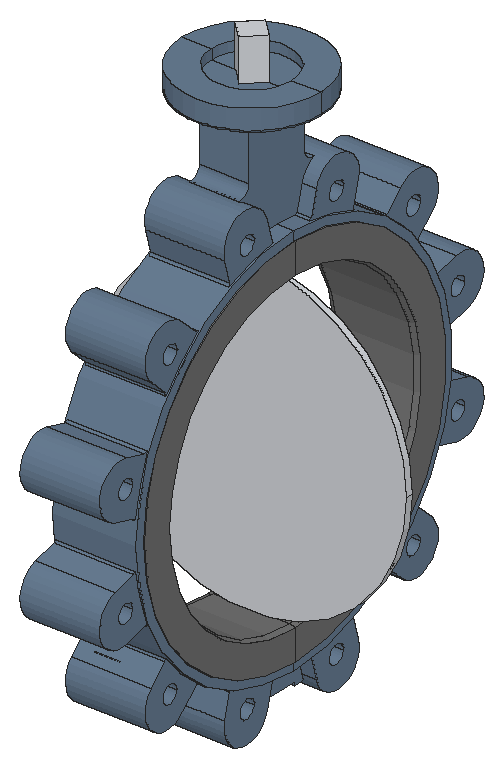
Revit family "Запорно-регулирующая заслонка AF-4219", category Rohrzubehör, Revit 2021 (continued)
Lines and regions (mm)
  model lines, detail levels coarse+medium
    curve 8: line (-39, 0, -183) -> (39, 0, -183)
    curve 9: line (39, 0, -183) -> (39, 0, 183)
    curve 10: line (39, 0, 183) -> (-39, 0, 183)
    curve 11: line (39, 0, -183) -> (-39, 0, 183)
    curve 12: circle (0, 0, 0) r 5 normal (0, -1, 0)
Dimensions and locks
  "H01": Revolve 2 sketch curve to plane 2
  "H02": Revolve 2 sketch curve to Revolve 2 sketch curve
  "R01": Revolve 2 sketch curve to Revolve 2 sketch curve
  "D01": plane 2 to Revolve 1 sketch curve
  "D02": plane 2 to Revolve 1 sketch curve
  "D03": plane 2 to Revolve 1 sketch curve
  "L01": Revolve 1 sketch curve to plane 3 "Mitte (Links/rechts)"
  "L02": plane 3 "Mitte (Links/rechts)" to Revolve 1 sketch curve  (x2)
  "D05": Revolve 6 sketch curve to plane 2
  "D04": Revolve 6 sketch curve to plane 2  (x2)
  "D02": Revolve 6 sketch curve to plane 2  (x2)
  "L03": plane 3 "Mitte (Links/rechts)" to Revolve 6 sketch curve
  "L02": Revolve 6 sketch curve to plane 3 "Mitte (Links/rechts)"
  "L03": Revolve 6 sketch curve to plane 3 "Mitte (Links/rechts)"
  "L01": plane 3 "Mitte (Links/rechts)" to Revolve 1 sketch curve
  "D02": Revolve 1 sketch curve to plane 2
  "L02": plane 3 "Mitte (Links/rechts)" to Revolve 6 sketch curve
  "D03": plane 2 to Revolve 6 sketch curve
  "L04": Revolve 6 sketch curve to plane 3 "Mitte (Links/rechts)" to Revolve 6 sketch curve
  "L01": curve 2 to plane 3 "Mitte (Links/rechts)" to curve 4
  equal spacing: curve 3, curve 6, curve 1
  equal spacing: curve 2, curve 6, curve 4
  "D01": curve 1 to plane 1 "Mitte (Vorne/hinten)" to curve 3
  "L01": curve 7 to curve 12 to curve 9
  "D01": curve 10 to curve 12 to curve 8
  "H03": Revolve 2 sketch curve to Revolve 2 sketch curve
  "R02": Revolve 2 sketch curve to Revolve 2 sketch curve
  equal spacing: Extrusion 24 sketch curve, curve 11, Extrusion 24 sketch curve  (x2)
  "L05": Extrusion 24 sketch curve to Extrusion 24 sketch curve  (x2)
  "H04": Extrusion 24 to plane 2
  "H05": Extrusion 24 to Revolve 2
  "R99": radius of Revolve 2 sketch curve
  "D06": radius of Extrusion 7 sketch curve
  radius of curve 6 = 5.000 mm
  radius of curve 12 = 5.000 mm
  aligned and locked: level to plane 2
Automatic sketch dimensions
  Extrusion 3 sketch curve to Extrusion 3 sketch curve = 0.000 mm  (x20)
  Extrusion 3 sketch curve to level = 0.000 mm
  Extrusion 3 sketch curve to plane 1 "Mitte (Vorne/hinten)" = 0.000 mm
  plane 1 "Mitte (Vorne/hinten)" to Extrusion 3 sketch curve = 18.495 mm  (x2)
  Extrusion 3 sketch curve to Extrusion 3 sketch curve = 1.414 mm  (x16)
  Extrusion 3 sketch curve to Extrusion 3 sketch curve = 12.265 mm  (x8)
  Extrusion 3 sketch curve to level = 19.909 mm  (x2)
  Extrusion 3 sketch curve to Extrusion 3 sketch curve = 24.042 mm  (x8)
  level to Extrusion 3 sketch curve = 19.909 mm  (x2)
  Extrusion 3 sketch curve to Extrusion 3 sketch curve = 12.021 mm  (x12)
  Extrusion 3 sketch curve to plane 1 "Mitte (Vorne/hinten)" = 18.495 mm  (x2)
  Extrusion 3 sketch curve to Extrusion 3 sketch curve = 0.934 mm  (x4)
  Extrusion 4 sketch curve to level = 0.000 mm
  Extrusion 4 sketch curve to plane 1 "Mitte (Vorne/hinten)" = 0.000 mm
  plane 1 "Mitte (Vorne/hinten)" to Extrusion 4 sketch curve = 18.495 mm
  Extrusion 4 sketch curve to Extrusion 4 sketch curve = 1.414 mm  (x4)
  plane 1 "Mitte (Vorne/hinten)" to Extrusion 4 sketch curve = 20.000 mm
  Extrusion 4 sketch curve to Extrusion 4 sketch curve = 12.265 mm  (x2)
  Extrusion 4 sketch curve to Extrusion 4 sketch curve = 15.000 mm  (x2)
  Extrusion 4 sketch curve to Extrusion 4 sketch curve = 12.021 mm  (x4)
  Extrusion 4 sketch curve to plane 1 "Mitte (Vorne/hinten)" = 18.495 mm
  Extrusion 4 sketch curve to plane 1 "Mitte (Vorne/hinten)" = 20.000 mm
  level to Extrusion 4 sketch curve = 43.950 mm
  Extrusion 4 sketch curve to Extrusion 4 sketch curve = 0.000 mm
  Extrusion 4 sketch curve to Extrusion 4 sketch curve = 0.244 mm  (x2)
  Extrusion 4 sketch curve to Extrusion 4 sketch curve = 18.630 mm  (x2)
  Extrusion 4 sketch curve to Extrusion 4 sketch curve = 0.934 mm
  Extrusion 5 sketch curve to level = 0.000 mm
  Extrusion 5 sketch curve to plane 1 "Mitte (Vorne/hinten)" = 0.000 mm
  plane 1 "Mitte (Vorne/hinten)" to Extrusion 5 sketch curve = 15.000 mm
  Extrusion 5 sketch curve to Extrusion 5 sketch curve = 1.963 mm  (x2)
  Extrusion 5 sketch curve to Extrusion 5 sketch curve = 1.531 mm  (x2)
  Extrusion 5 sketch curve to Extrusion 5 sketch curve = 1.414 mm  (x4)
  Extrusion 5 sketch curve to Extrusion 5 sketch curve = 15.210 mm  (x2)
  Extrusion 5 sketch curve to Extrusion 5 sketch curve = 1.660 mm  (x2)
  Extrusion 5 sketch curve to Extrusion 5 sketch curve = 12.021 mm  (x3)
  Extrusion 5 sketch curve to plane 1 "Mitte (Vorne/hinten)" = 15.000 mm
  Extrusion 5 sketch curve to Extrusion 5 sketch curve = 1.037 mm  (x2)
  Extrusion 5 sketch curve to Extrusion 5 sketch curve = 1.400 mm  (x2)
  Extrusion 5 sketch curve to Extrusion 5 sketch curve = 1.785 mm  (x2)
  Extrusion 5 sketch curve to Extrusion 5 sketch curve = 12.635 mm  (x2)
  Extrusion 5 sketch curve to Extrusion 5 sketch curve = 0.934 mm
  Extrusion 5 sketch curve to Extrusion 5 sketch curve = 0.788 mm  (x2)
  Extrusion 5 sketch curve to Extrusion 5 sketch curve = 0.000 mm  (x2)
  Extrusion 4 sketch curve to Extrusion 4 sketch curve = 37.155 mm
  Extrusion 5 sketch curve to level = 43.950 mm
  Extrusion 8 sketch curve to Extrusion 8 sketch curve = 0.000 mm  (x12)
  Extrusion 8 sketch curve to level = 39.244 mm  (x2)
  plane 1 "Mitte (Vorne/hinten)" to Extrusion 8 sketch curve = 63.286 mm
  level to Extrusion 8 sketch curve = 39.244 mm  (x2)
  Extrusion 8 sketch curve to Extrusion 8 sketch curve = 9.190 mm  (x2)
  level to Extrusion 8 sketch curve = 28.614 mm  (x2)
  Extrusion 8 sketch curve to Extrusion 8 sketch curve = 1.441 mm  (x8)
  Extrusion 8 sketch curve to level = 28.614 mm  (x2)
  Extrusion 8 sketch curve to Extrusion 8 sketch curve = 12.021 mm  (x6)
  level to Extrusion 8 sketch curve = 63.286 mm  (x2)
  Extrusion 8 sketch curve to level = 63.286 mm  (x2)
  level to Extrusion 8 sketch curve = 52.636 mm  (x2)
  Extrusion 8 sketch curve to Extrusion 8 sketch curve = 10.650 mm  (x4)
  Extrusion 8 sketch curve to level = 52.636 mm  (x2)
  Extrusion 8 sketch curve to Extrusion 8 sketch curve = 1.414 mm  (x8)
  level to Extrusion 8 sketch curve = 0.001 mm  (x2)
  Extrusion 8 sketch curve to Extrusion 8 sketch curve = 28.594 mm
  Extrusion 8 sketch curve to level = 0.001 mm  (x2)
  Extrusion 8 sketch curve to Extrusion 8 sketch curve = 0.001 mm  (x2)
  Extrusion 8 sketch curve to Extrusion 8 sketch curve = 54.361 mm  (x2)
  Extrusion 8 sketch curve to Extrusion 8 sketch curve = 1.390 mm  (x2)
  Extrusion 8 sketch curve to Extrusion 8 sketch curve = 10.630 mm  (x2)
  Extrusion 8 sketch curve to Extrusion 8 sketch curve = 1.832 mm  (x2)
  Extrusion 9 sketch curve to Extrusion 9 sketch curve = 0.000 mm  (x5)
  Extrusion 9 sketch curve to level = 0.000 mm
  Extrusion 9 sketch curve to level = 51.265 mm
  plane 1 "Mitte (Vorne/hinten)" to Extrusion 9 sketch curve = 51.265 mm
  level to Extrusion 9 sketch curve = 51.265 mm
  Extrusion 9 sketch curve to Extrusion 9 sketch curve = 9.247 mm  (x3)
  Extrusion 9 sketch curve to level = 63.286 mm  (x2)
  Extrusion 9 sketch curve to Extrusion 9 sketch curve = 2.774 mm  (x4)
  level to Extrusion 9 sketch curve = 63.286 mm  (x2)
  Extrusion 9 sketch curve to Extrusion 9 sketch curve = 2.244 mm  (x2)
  Extrusion 9 sketch curve to Extrusion 9 sketch curve = 0.183 mm  (x2)
  level to Extrusion 9 sketch curve = 52.636 mm  (x2)
  Extrusion 9 sketch curve to Extrusion 9 sketch curve = 10.650 mm  (x3)
  Extrusion 9 sketch curve to level = 52.636 mm  (x2)
  Extrusion 9 sketch curve to Extrusion 9 sketch curve = 1.414 mm  (x8)
  Extrusion 9 sketch curve to Extrusion 9 sketch curve = 14.817 mm  (x2)
  Extrusion 9 sketch curve to Extrusion 9 sketch curve = 7.210 mm
  Extrusion 9 sketch curve to Extrusion 9 sketch curve = 1.971 mm
  Extrusion 9 sketch curve to Extrusion 9 sketch curve = 28.595 mm
  Extrusion 9 sketch curve to Extrusion 9 sketch curve = 36.000 mm
  Extrusion 9 sketch curve to Extrusion 9 sketch curve = 1.997 mm
  Extrusion 9 sketch curve to Extrusion 9 sketch curve = 44.000 mm
  Extrusion 9 sketch curve to Extrusion 9 sketch curve = 5.181 mm
  Extrusion 9 sketch curve to Extrusion 9 sketch curve = 7.184 mm
  Extrusion 9 sketch curve to Extrusion 9 sketch curve = 12.021 mm  (x2)
  Extrusion 9 sketch curve to Extrusion 9 sketch curve = 14.891 mm
  Extrusion 9 sketch curve to Extrusion 9 sketch curve = 6.473 mm
  Extrusion 9 sketch curve to Extrusion 9 sketch curve = 12.756 mm  (x2)
  Extrusion 9 sketch curve to Extrusion 9 sketch curve = 55.987 mm
  Extrusion 10 sketch curve to Extrusion 10 sketch curve = 0.000 mm  (x48)
  level to Extrusion 10 sketch curve = 14.909 mm  (x2)
  plane 1 "Mitte (Vorne/hinten)" to Extrusion 10 sketch curve = 80.416 mm
  Extrusion 10 sketch curve to level = 14.909 mm  (x2)
  Extrusion 10 sketch curve to Extrusion 10 sketch curve = 6.506 mm  (x6)
  Extrusion 10 sketch curve to level = 46.321 mm  (x2)
  level to Extrusion 10 sketch curve = 46.321 mm  (x2)
  Extrusion 10 sketch curve to level = 7.243 mm
  Extrusion 10 sketch curve to Extrusion 10 sketch curve = 13.321 mm
  level to Extrusion 10 sketch curve = 7.243 mm
  Extrusion 10 sketch curve to level = 9.076 mm  (x2)
  Extrusion 10 sketch curve to Extrusion 10 sketch curve = 0.759 mm  (x8)
  level to Extrusion 10 sketch curve = 9.076 mm  (x2)
  level to Extrusion 10 sketch curve = 40.487 mm  (x2)
  Extrusion 10 sketch curve to Extrusion 10 sketch curve = 14.082 mm  (x4)
  Extrusion 10 sketch curve to level = 40.487 mm  (x2)
  Extrusion 10 sketch curve to Extrusion 10 sketch curve = 0.758 mm  (x8)
  level to Extrusion 10 sketch curve = 67.405 mm  (x2)
  Extrusion 10 sketch curve to Extrusion 10 sketch curve = 6.243 mm  (x2)
  Extrusion 10 sketch curve to level = 67.405 mm  (x2)
  Extrusion 10 sketch curve to Extrusion 10 sketch curve = 10.245 mm  (x4)
  level to Extrusion 10 sketch curve = 53.322 mm  (x2)
  Extrusion 10 sketch curve to Extrusion 10 sketch curve = 1.831 mm  (x8)
  Extrusion 10 sketch curve to level = 53.322 mm  (x2)
  Extrusion 10 sketch curve to Extrusion 10 sketch curve = 15.706 mm  (x6)
  level to Extrusion 10 sketch curve = 80.416 mm  (x2)
  Extrusion 10 sketch curve to level = 80.416 mm  (x2)
  Extrusion 10 sketch curve to level = 66.335 mm  (x2)
  Extrusion 10 sketch curve to Extrusion 10 sketch curve = 5.832 mm  (x4)
  level to Extrusion 10 sketch curve = 66.335 mm  (x2)
  Extrusion 10 sketch curve to Extrusion 10 sketch curve = 1.833 mm  (x6)
  level to Extrusion 10 sketch curve = 0.000 mm
  Extrusion 10 sketch curve to Extrusion 10 sketch curve = 14.486 mm  (x2)
  Extrusion 10 sketch curve to Extrusion 10 sketch curve = 9.873 mm  (x2)
  Extrusion 10 sketch curve to Extrusion 10 sketch curve = 5.833 mm  (x2)
  Extrusion 10 sketch curve to Extrusion 10 sketch curve = 13.013 mm
  Extrusion 10 sketch curve to Extrusion 10 sketch curve = 14.081 mm  (x2)
  Extrusion 10 sketch curve to Extrusion 10 sketch curve = 1.973 mm  (x4)
  Extrusion 10 sketch curve to Extrusion 10 sketch curve = 1.544 mm  (x4)
  Extrusion 10 sketch curve to Extrusion 10 sketch curve = 1.243 mm  (x3)
  Extrusion 10 sketch curve to Extrusion 10 sketch curve = 0.211 mm  (x2)
  Extrusion 10 sketch curve to Extrusion 10 sketch curve = 0.002 mm  (x5)
  Extrusion 10 sketch curve to Extrusion 10 sketch curve = 0.213 mm  (x2)
  Extrusion 10 sketch curve to Extrusion 10 sketch curve = 41.076 mm
  Extrusion 10 sketch curve to level = 0.000 mm
  level to Extrusion 11 sketch curve = 100.814 mm
  plane 1 "Mitte (Vorne/hinten)" to Extrusion 11 sketch curve = 32.000 mm
  Extrusion 11 sketch curve to Extrusion 11 sketch curve = 1.385 mm
  Extrusion 11 sketch curve to Extrusion 11 sketch curve = 10.000 mm  (x2)
  Extrusion 11 sketch curve to level = 80.416 mm
  Extrusion 11 sketch curve to Extrusion 11 sketch curve = 15.706 mm  (x3)
  level to Extrusion 11 sketch curve = 80.416 mm  (x2)
  Extrusion 11 sketch curve to Extrusion 11 sketch curve = 1.409 mm
  Extrusion 11 sketch curve to level = 66.335 mm  (x2)
  Extrusion 11 sketch curve to Extrusion 11 sketch curve = 5.832 mm  (x3)
  level to Extrusion 11 sketch curve = 66.335 mm  (x2)
  Extrusion 11 sketch curve to Extrusion 11 sketch curve = 1.833 mm  (x4)
  level to Extrusion 11 sketch curve = 0.554 mm
  Extrusion 11 sketch curve to Extrusion 11 sketch curve = 9.076 mm
  Extrusion 11 sketch curve to level = 0.554 mm
  Extrusion 11 sketch curve to Extrusion 11 sketch curve = 0.000 mm  (x3)
  Extrusion 11 sketch curve to Extrusion 11 sketch curve = 14.486 mm  (x2)
  Extrusion 11 sketch curve to Extrusion 11 sketch curve = 44.000 mm
  Extrusion 11 sketch curve to Extrusion 11 sketch curve = 0.759 mm  (x4)
  Extrusion 11 sketch curve to Extrusion 11 sketch curve = 6.506 mm
  Extrusion 11 sketch curve to Extrusion 11 sketch curve = 42.686 mm
  Extrusion 11 sketch curve to level = 80.371 mm
  Extrusion 11 sketch curve to Extrusion 11 sketch curve = 1.390 mm
  Extrusion 11 sketch curve to Extrusion 11 sketch curve = 27.000 mm
  Extrusion 12 sketch curve to Extrusion 12 sketch curve = 0.000 mm  (x40)
  Extrusion 12 sketch curve to level = 0.000 mm
  level to Extrusion 12 sketch curve = 18.736 mm  (x2)
  plane 1 "Mitte (Vorne/hinten)" to Extrusion 12 sketch curve = 89.655 mm
  Extrusion 12 sketch curve to level = 18.736 mm  (x2)
  Extrusion 12 sketch curve to Extrusion 12 sketch curve = 6.506 mm  (x6)
  Extrusion 12 sketch curve to level = 50.147 mm  (x2)
  level to Extrusion 12 sketch curve = 50.147 mm  (x2)
  Extrusion 12 sketch curve to Extrusion 12 sketch curve = 13.415 mm  (x2)
  Extrusion 12 sketch curve to level = 12.858 mm  (x2)
  Extrusion 12 sketch curve to Extrusion 12 sketch curve = 0.776 mm  (x8)
  level to Extrusion 12 sketch curve = 12.858 mm  (x2)
  Extrusion 12 sketch curve to level = 44.269 mm  (x2)
  Extrusion 12 sketch curve to Extrusion 12 sketch curve = 14.192 mm  (x4)
  level to Extrusion 12 sketch curve = 44.269 mm  (x2)
  Extrusion 12 sketch curve to Extrusion 12 sketch curve = 0.775 mm  (x8)
  level to Extrusion 12 sketch curve = 76.644 mm  (x2)
  Extrusion 12 sketch curve to Extrusion 12 sketch curve = 11.529 mm  (x2)
  Extrusion 12 sketch curve to level = 76.644 mm  (x2)
  Extrusion 12 sketch curve to Extrusion 12 sketch curve = 4.008 mm  (x2)
  level to Extrusion 12 sketch curve = 62.451 mm  (x2)
  Extrusion 12 sketch curve to Extrusion 12 sketch curve = 1.871 mm  (x8)
  Extrusion 12 sketch curve to level = 62.451 mm  (x2)
  Extrusion 12 sketch curve to Extrusion 12 sketch curve = 15.706 mm  (x6)
  level to Extrusion 12 sketch curve = 89.655 mm  (x2)
  Extrusion 12 sketch curve to level = 89.655 mm  (x2)
  Extrusion 12 sketch curve to level = 75.464 mm  (x2)
  Extrusion 12 sketch curve to Extrusion 12 sketch curve = 5.878 mm  (x4)
  level to Extrusion 12 sketch curve = 75.464 mm  (x2)
  Extrusion 12 sketch curve to Extrusion 12 sketch curve = 1.873 mm  (x8)
  Extrusion 12 sketch curve to Extrusion 12 sketch curve = 21.969 mm  (x2)
  Extrusion 12 sketch curve to Extrusion 12 sketch curve = 9.827 mm  (x2)
  Extrusion 12 sketch curve to Extrusion 12 sketch curve = 5.879 mm  (x2)
  Extrusion 12 sketch curve to Extrusion 12 sketch curve = 15.537 mm  (x2)
  Extrusion 12 sketch curve to Extrusion 12 sketch curve = 13.013 mm
  Extrusion 12 sketch curve to Extrusion 12 sketch curve = 14.190 mm  (x2)
  Extrusion 12 sketch curve to Extrusion 12 sketch curve = 44.269 mm
  Extrusion 13 sketch curve to Extrusion 13 sketch curve = 0.000 mm  (x5)
  Extrusion 13 sketch curve to level = 0.000 mm
  level to Extrusion 13 sketch curve = 114.470 mm
  plane 1 "Mitte (Vorne/hinten)" to Extrusion 13 sketch curve = 41.000 mm
  Extrusion 13 sketch curve to level = 83.149 mm
  Extrusion 13 sketch curve to Extrusion 13 sketch curve = 6.558 mm  (x2)
  Extrusion 13 sketch curve to Extrusion 13 sketch curve = 15.000 mm  (x2)
  level to Extrusion 13 sketch curve = 89.655 mm  (x2)
  Extrusion 13 sketch curve to Extrusion 13 sketch curve = 15.706 mm  (x2)
  Extrusion 13 sketch curve to Extrusion 13 sketch curve = 5.236 mm  (x2)
  level to Extrusion 13 sketch curve = 75.464 mm  (x2)
  Extrusion 13 sketch curve to Extrusion 13 sketch curve = 5.878 mm  (x3)
  Extrusion 13 sketch curve to level = 75.464 mm  (x2)
  Extrusion 13 sketch curve to Extrusion 13 sketch curve = 1.873 mm  (x4)
  Extrusion 13 sketch curve to Extrusion 13 sketch curve = 12.858 mm
  Extrusion 13 sketch curve to Extrusion 13 sketch curve = 21.969 mm
  Extrusion 13 sketch curve to Extrusion 13 sketch curve = 3.345 mm
  Extrusion 13 sketch curve to Extrusion 13 sketch curve = 3.000 mm  (x2)
  Extrusion 13 sketch curve to Extrusion 13 sketch curve = 6.506 mm  (x3)
  Extrusion 13 sketch curve to Extrusion 13 sketch curve = 0.776 mm  (x4)
  Extrusion 13 sketch curve to Extrusion 13 sketch curve = 31.321 mm
  Extrusion 13 sketch curve to Extrusion 13 sketch curve = 52.530 mm
  Extrusion 13 sketch curve to Extrusion 13 sketch curve = 11.129 mm  (x2)
  Extrusion 13 sketch curve to Extrusion 13 sketch curve = 9.812 mm  (x2)
  Extrusion 13 sketch curve to Extrusion 13 sketch curve = 3.078 mm
  Extrusion 13 sketch curve to Extrusion 13 sketch curve = 21.680 mm
  Extrusion 13 sketch curve to Extrusion 13 sketch curve = 2.515 mm
  Extrusion 13 sketch curve to Extrusion 13 sketch curve = 52.000 mm
  Extrusion 14 sketch curve to Extrusion 14 sketch curve = 0.000 mm  (x22)
  Extrusion 14 sketch curve to level = 24.476 mm  (x2)
  plane 1 "Mitte (Vorne/hinten)" to Extrusion 14 sketch curve = 103.513 mm
  level to Extrusion 14 sketch curve = 24.476 mm  (x2)
  Extrusion 14 sketch curve to Extrusion 14 sketch curve = 6.506 mm  (x6)
  Extrusion 14 sketch curve to Extrusion 14 sketch curve = 11.623 mm  (x2)
  Extrusion 14 sketch curve to level = 19.351 mm  (x2)
  Extrusion 14 sketch curve to Extrusion 14 sketch curve = 0.749 mm  (x8)
  level to Extrusion 14 sketch curve = 19.351 mm  (x2)
  Extrusion 14 sketch curve to level = 55.888 mm  (x2)
  level to Extrusion 14 sketch curve = 55.888 mm  (x2)
  Extrusion 14 sketch curve to level = 50.783 mm  (x2)
  Extrusion 14 sketch curve to Extrusion 14 sketch curve = 12.323 mm  (x4)
  level to Extrusion 14 sketch curve = 50.783 mm  (x2)
  Extrusion 14 sketch curve to Extrusion 14 sketch curve = 0.774 mm  (x8)
  level to Extrusion 14 sketch curve = 90.502 mm  (x2)
  Extrusion 14 sketch curve to Extrusion 14 sketch curve = 21.517 mm  (x2)
  Extrusion 14 sketch curve to level = 90.502 mm  (x2)
  Extrusion 14 sketch curve to Extrusion 14 sketch curve = 3.235 mm  (x2)
  Extrusion 14 sketch curve to level = 78.179 mm  (x2)
  Extrusion 14 sketch curve to Extrusion 14 sketch curve = 1.869 mm  (x8)
  level to Extrusion 14 sketch curve = 78.179 mm  (x2)
  Extrusion 14 sketch curve to Extrusion 14 sketch curve = 15.706 mm  (x6)
  level to Extrusion 14 sketch curve = 103.513 mm  (x2)
  Extrusion 14 sketch curve to level = 103.513 mm  (x2)
  level to Extrusion 14 sketch curve = 91.141 mm  (x2)
  Extrusion 14 sketch curve to Extrusion 14 sketch curve = 5.125 mm  (x4)
  Extrusion 14 sketch curve to level = 91.141 mm  (x2)
  Extrusion 14 sketch curve to Extrusion 14 sketch curve = 1.809 mm  (x8)
  Extrusion 14 sketch curve to level = 0.103 mm  (x2)
  Extrusion 14 sketch curve to Extrusion 14 sketch curve = 90.896 mm
  level to Extrusion 14 sketch curve = 0.103 mm  (x2)
  Extrusion 14 sketch curve to Extrusion 14 sketch curve = 0.142 mm  (x7)
  Extrusion 14 sketch curve to Extrusion 14 sketch curve = 0.207 mm  (x2)
  Extrusion 14 sketch curve to Extrusion 14 sketch curve = 35.084 mm  (x2)
  Extrusion 14 sketch curve to Extrusion 14 sketch curve = 10.601 mm  (x2)
  Extrusion 14 sketch curve to Extrusion 14 sketch curve = 5.104 mm  (x2)
  Extrusion 14 sketch curve to Extrusion 14 sketch curve = 24.752 mm  (x2)
  Extrusion 14 sketch curve to Extrusion 14 sketch curve = 12.962 mm  (x2)
  Extrusion 14 sketch curve to Extrusion 14 sketch curve = 12.372 mm  (x2)
  Extrusion 14 sketch curve to level = 0.245 mm
  Extrusion 14 sketch curve to Extrusion 14 sketch curve = 1.933 mm  (x2)
  Extrusion 14 sketch curve to Extrusion 14 sketch curve = 0.314 mm  (x2)
  level to Extrusion 15 sketch curve = 97.007 mm
  plane 1 "Mitte (Vorne/hinten)" to Extrusion 15 sketch curve = 40.182 mm
  Extrusion 15 sketch curve to level = 97.007 mm
  Extrusion 15 sketch curve to Extrusion 15 sketch curve = 0.000 mm  (x7)
  Extrusion 15 sketch curve to Extrusion 15 sketch curve = 4.132 mm
  Extrusion 15 sketch curve to Extrusion 15 sketch curve = 10.048 mm  (x2)
  Extrusion 15 sketch curve to Extrusion 15 sketch curve = 15.706 mm  (x3)
  level to Extrusion 15 sketch curve = 103.513 mm  (x2)
  level to Extrusion 15 sketch curve = 91.141 mm  (x2)
  Extrusion 15 sketch curve to Extrusion 15 sketch curve = 5.125 mm  (x3)
  Extrusion 15 sketch curve to level = 91.141 mm  (x2)
  Extrusion 15 sketch curve to Extrusion 15 sketch curve = 1.809 mm  (x4)
  Extrusion 15 sketch curve to Extrusion 15 sketch curve = 10.974 mm  (x2)
  Extrusion 15 sketch curve to level = 0.111 mm
  Extrusion 15 sketch curve to Extrusion 15 sketch curve = 19.350 mm
  level to Extrusion 15 sketch curve = 0.111 mm
  Extrusion 15 sketch curve to Extrusion 15 sketch curve = 35.081 mm
  Extrusion 15 sketch curve to Extrusion 15 sketch curve = 4.041 mm
  Extrusion 15 sketch curve to level = 103.513 mm
  Extrusion 15 sketch curve to Extrusion 15 sketch curve = 9.998 mm  (x2)
  Extrusion 15 sketch curve to Extrusion 15 sketch curve = 3.000 mm
  Extrusion 15 sketch curve to Extrusion 15 sketch curve = 6.505 mm  (x2)
  Extrusion 15 sketch curve to Extrusion 15 sketch curve = 0.749 mm  (x4)
  Extrusion 15 sketch curve to Extrusion 15 sketch curve = 20.176 mm  (x2)
  Extrusion 15 sketch curve to Extrusion 15 sketch curve = 62.311 mm
  Extrusion 15 sketch curve to Extrusion 15 sketch curve = 0.048 mm
  Extrusion 15 sketch curve to Extrusion 15 sketch curve = 11.626 mm  (x2)
  Extrusion 15 sketch curve to Extrusion 15 sketch curve = 27.000 mm
  Extrusion 15 sketch curve to Extrusion 15 sketch curve = 52.000 mm
  Extrusion 16 sketch curve to Extrusion 16 sketch curve = 0.000 mm  (x23)
  Extrusion 16 sketch curve to level = 26.521 mm  (x2)
  plane 1 "Mitte (Vorne/hinten)" to Extrusion 16 sketch curve = 118.902 mm
  level to Extrusion 16 sketch curve = 26.521 mm  (x2)
  Extrusion 16 sketch curve to Extrusion 16 sketch curve = 8.036 mm  (x6)
  Extrusion 16 sketch curve to Extrusion 16 sketch curve = 15.875 mm  (x2)
  level to Extrusion 16 sketch curve = 65.323 mm  (x2)
  Extrusion 16 sketch curve to level = 65.323 mm  (x2)
  level to Extrusion 16 sketch curve = 19.621 mm  (x2)
  Extrusion 16 sketch curve to Extrusion 16 sketch curve = 0.782 mm  (x8)
  Extrusion 16 sketch curve to level = 19.621 mm  (x2)
  Extrusion 16 sketch curve to level = 58.409 mm  (x2)
  Extrusion 16 sketch curve to Extrusion 16 sketch curve = 16.693 mm  (x4)
  level to Extrusion 16 sketch curve = 58.409 mm  (x2)
  Extrusion 16 sketch curve to Extrusion 16 sketch curve = 0.763 mm  (x8)
  Extrusion 16 sketch curve to level = 102.829 mm  (x2)
  Extrusion 16 sketch curve to Extrusion 16 sketch curve = 20.050 mm  (x2)
  level to Extrusion 16 sketch curve = 102.829 mm  (x2)
  Extrusion 16 sketch curve to Extrusion 16 sketch curve = 5.074 mm  (x2)
  level to Extrusion 16 sketch curve = 86.136 mm  (x2)
  Extrusion 16 sketch curve to Extrusion 16 sketch curve = 1.841 mm  (x8)
  Extrusion 16 sketch curve to level = 86.136 mm  (x2)
  Extrusion 16 sketch curve to Extrusion 16 sketch curve = 19.401 mm  (x6)
  level to Extrusion 16 sketch curve = 118.902 mm  (x2)
  Extrusion 16 sketch curve to level = 118.902 mm  (x2)
  level to Extrusion 16 sketch curve = 102.246 mm  (x2)
  Extrusion 16 sketch curve to Extrusion 16 sketch curve = 6.899 mm  (x4)
  Extrusion 16 sketch curve to level = 102.246 mm  (x2)
  Extrusion 16 sketch curve to Extrusion 16 sketch curve = 1.887 mm  (x8)
  level to Extrusion 16 sketch curve = 0.002 mm  (x2)
  Extrusion 16 sketch curve to Extrusion 16 sketch curve = 86.133 mm
  Extrusion 16 sketch curve to level = 0.002 mm
  Extrusion 16 sketch curve to Extrusion 16 sketch curve = 0.001 mm  (x8)
  Extrusion 16 sketch curve to Extrusion 16 sketch curve = 35.469 mm  (x2)
  Extrusion 16 sketch curve to Extrusion 16 sketch curve = 12.487 mm  (x2)
  Extrusion 16 sketch curve to Extrusion 16 sketch curve = 6.914 mm  (x2)
  Extrusion 16 sketch curve to Extrusion 16 sketch curve = 25.124 mm  (x2)
  Extrusion 16 sketch curve to Extrusion 16 sketch curve = 16.110 mm
  Extrusion 16 sketch curve to Extrusion 16 sketch curve = 16.656 mm  (x2)
  Extrusion 16 sketch curve to level = 0.003 mm
  Extrusion 16 sketch curve to Extrusion 16 sketch curve = 2.019 mm  (x2)
  Extrusion 16 sketch curve to Extrusion 16 sketch curve = 0.309 mm  (x2)
  Extrusion 16 sketch curve to Extrusion 16 sketch curve = 0.004 mm  (x2)
  Extrusion 17 sketch curve to Extrusion 17 sketch curve = 0.000 mm  (x7)
  Extrusion 17 sketch curve to level = 0.000 mm
  Extrusion 17 sketch curve to plane 1 "Mitte (Vorne/hinten)" = 0.000 mm
  plane 1 "Mitte (Vorne/hinten)" to Extrusion 17 sketch curve = 13.500 mm
  plane 1 "Mitte (Vorne/hinten)" to Extrusion 17 sketch curve = 17.734 mm  (x2)
  Extrusion 17 sketch curve to Extrusion 17 sketch curve = 1.887 mm  (x4)
  plane 1 "Mitte (Vorne/hinten)" to Extrusion 17 sketch curve = 26.000 mm
  Extrusion 17 sketch curve to Extrusion 17 sketch curve = 0.521 mm
  Extrusion 17 sketch curve to Extrusion 17 sketch curve = 13.021 mm  (x2)
  Extrusion 17 sketch curve to Extrusion 17 sketch curve = 4.341 mm  (x2)
  Extrusion 17 sketch curve to Extrusion 17 sketch curve = 10.000 mm  (x2)
  Extrusion 17 sketch curve to Extrusion 17 sketch curve = 19.401 mm  (x4)
  Extrusion 17 sketch curve to plane 1 "Mitte (Vorne/hinten)" = 13.500 mm
  Extrusion 17 sketch curve to plane 1 "Mitte (Vorne/hinten)" = 17.734 mm  (x2)
  Extrusion 17 sketch curve to Extrusion 17 sketch curve = 6.899 mm
  Extrusion 17 sketch curve to level = 102.246 mm
  Extrusion 17 sketch curve to Extrusion 17 sketch curve = 0.782 mm  (x4)
  Extrusion 17 sketch curve to Extrusion 17 sketch curve = 8.620 mm  (x4)
  Extrusion 17 sketch curve to Extrusion 17 sketch curve = 16.656 mm  (x4)
  Extrusion 17 sketch curve to Extrusion 17 sketch curve = 3.000 mm
  level to Extrusion 17 sketch curve = 102.246 mm
  Extrusion 17 sketch curve to Extrusion 17 sketch curve = 16.098 mm  (x2)
  Extrusion 17 sketch curve to Extrusion 17 sketch curve = 64.000 mm
  Extrusion 17 sketch curve to Extrusion 17 sketch curve = 4.938 mm
  Extrusion 18 sketch curve to Extrusion 18 sketch curve = 0.000 mm  (x62)
  Extrusion 18 sketch curve to level = 0.000 mm
  Extrusion 18 sketch curve to level = 17.891 mm  (x2)
  plane 1 "Mitte (Vorne/hinten)" to Extrusion 18 sketch curve = 147.909 mm
  level to Extrusion 18 sketch curve = 17.891 mm  (x2)
  Extrusion 18 sketch curve to Extrusion 18 sketch curve = 5.435 mm  (x6)
  Extrusion 18 sketch curve to level = 58.460 mm  (x2)
  level to Extrusion 18 sketch curve = 58.460 mm  (x2)
  Extrusion 18 sketch curve to Extrusion 18 sketch curve = 15.462 mm  (x2)
  level to Extrusion 18 sketch curve = 13.612 mm  (x2)
  Extrusion 18 sketch curve to Extrusion 18 sketch curve = 0.509 mm  (x8)
  Extrusion 18 sketch curve to level = 13.612 mm  (x2)
  Extrusion 18 sketch curve to level = 54.199 mm  (x2)
  Extrusion 18 sketch curve to Extrusion 18 sketch curve = 15.903 mm  (x4)
  level to Extrusion 18 sketch curve = 54.199 mm  (x2)
  Extrusion 18 sketch curve to Extrusion 18 sketch curve = 0.530 mm  (x8)
  Extrusion 18 sketch curve to level = 89.449 mm  (x2)
  Extrusion 18 sketch curve to Extrusion 18 sketch curve = 1.459 mm  (x2)
  level to Extrusion 18 sketch curve = 89.449 mm  (x2)
  Extrusion 18 sketch curve to Extrusion 18 sketch curve = 10.302 mm  (x2)
  Extrusion 18 sketch curve to level = 77.758 mm  (x2)
  Extrusion 18 sketch curve to Extrusion 18 sketch curve = 1.389 mm  (x8)
  level to Extrusion 18 sketch curve = 77.758 mm  (x2)
  Extrusion 18 sketch curve to Extrusion 18 sketch curve = 14.849 mm  (x6)
  Extrusion 18 sketch curve to level = 119.147 mm  (x2)
  level to Extrusion 18 sketch curve = 119.147 mm  (x2)
  level to Extrusion 18 sketch curve = 107.506 mm  (x2)
  Extrusion 18 sketch curve to Extrusion 18 sketch curve = 11.642 mm  (x4)
  Extrusion 18 sketch curve to level = 107.506 mm  (x2)
  Extrusion 18 sketch curve to Extrusion 18 sketch curve = 1.448 mm  (x8)
  level to Extrusion 18 sketch curve = 137.039 mm  (x2)
  Extrusion 18 sketch curve to Extrusion 18 sketch curve = 17.899 mm  (x2)
  Extrusion 18 sketch curve to level = 137.039 mm  (x2)
  Extrusion 18 sketch curve to Extrusion 18 sketch curve = 2.283 mm  (x2)
  Extrusion 18 sketch curve to level = 121.136 mm  (x2)
  Extrusion 18 sketch curve to Extrusion 18 sketch curve = 1.978 mm  (x8)
  level to Extrusion 18 sketch curve = 121.136 mm  (x2)
  Extrusion 18 sketch curve to Extrusion 18 sketch curve = 20.284 mm  (x6)
  Extrusion 18 sketch curve to level = 147.909 mm  (x2)
  level to Extrusion 18 sketch curve = 147.909 mm  (x2)
  level to Extrusion 18 sketch curve = 131.939 mm  (x2)
  Extrusion 18 sketch curve to Extrusion 18 sketch curve = 4.279 mm  (x4)
  Extrusion 18 sketch curve to level = 131.939 mm  (x2)
  Extrusion 18 sketch curve to Extrusion 18 sketch curve = 1.898 mm  (x8)
  Extrusion 18 sketch curve to Extrusion 18 sketch curve = 13.612 mm
  Extrusion 18 sketch curve to Extrusion 18 sketch curve = 23.429 mm  (x2)
  Extrusion 18 sketch curve to Extrusion 18 sketch curve = 16.023 mm  (x2)
  Extrusion 18 sketch curve to Extrusion 18 sketch curve = 4.261 mm  (x2)
  Extrusion 18 sketch curve to Extrusion 18 sketch curve = 20.183 mm  (x2)
  Extrusion 18 sketch curve to Extrusion 18 sketch curve = 3.158 mm  (x2)
  Extrusion 18 sketch curve to Extrusion 18 sketch curve = 11.691 mm  (x2)
  Extrusion 18 sketch curve to Extrusion 18 sketch curve = 11.760 mm  (x2)
  Extrusion 18 sketch curve to Extrusion 18 sketch curve = 10.803 mm
  Extrusion 18 sketch curve to Extrusion 18 sketch curve = 15.970 mm  (x2)
  Extrusion 19 sketch curve to Extrusion 19 sketch curve = 0.000 mm  (x5)
  Extrusion 19 sketch curve to level = 0.000 mm
  Extrusion 19 sketch curve to level = 142.474 mm
  plane 1 "Mitte (Vorne/hinten)" to Extrusion 19 sketch curve = 38.176 mm
  level to Extrusion 19 sketch curve = 142.474 mm
  Extrusion 19 sketch curve to Extrusion 19 sketch curve = 8.163 mm
  Extrusion 19 sketch curve to Extrusion 19 sketch curve = 2.013 mm  (x2)
  Extrusion 19 sketch curve to level = 147.909 mm
  Extrusion 19 sketch curve to Extrusion 19 sketch curve = 20.284 mm  (x3)
  level to Extrusion 19 sketch curve = 147.909 mm  (x2)
  Extrusion 19 sketch curve to Extrusion 19 sketch curve = 10.109 mm
  Extrusion 19 sketch curve to level = 131.939 mm  (x2)
  Extrusion 19 sketch curve to Extrusion 19 sketch curve = 4.279 mm  (x4)
  level to Extrusion 19 sketch curve = 131.939 mm  (x2)
  Extrusion 19 sketch curve to Extrusion 19 sketch curve = 1.898 mm  (x4)
  Extrusion 19 sketch curve to Extrusion 19 sketch curve = 13.612 mm
  Extrusion 19 sketch curve to Extrusion 19 sketch curve = 23.429 mm  (x2)
  Extrusion 19 sketch curve to Extrusion 19 sketch curve = 56.000 mm
  Extrusion 19 sketch curve to Extrusion 19 sketch curve = 5.435 mm  (x2)
  Extrusion 19 sketch curve to Extrusion 19 sketch curve = 0.509 mm  (x4)
  Extrusion 19 sketch curve to Extrusion 19 sketch curve = 16.081 mm  (x2)
  Extrusion 19 sketch curve to Extrusion 19 sketch curve = 66.010 mm
  Extrusion 19 sketch curve to Extrusion 19 sketch curve = 1.832 mm  (x2)
  Extrusion 19 sketch curve to Extrusion 19 sketch curve = 0.173 mm
  Extrusion 20 sketch curve to level = 22.097 mm  (x2)
  plane 1 "Mitte (Vorne/hinten)" to Extrusion 20 sketch curve = 177.618 mm
  level to Extrusion 20 sketch curve = 22.097 mm  (x2)
  Extrusion 20 sketch curve to Extrusion 20 sketch curve = 0.000 mm  (x17)
  Extrusion 20 sketch curve to Extrusion 20 sketch curve = 6.470 mm  (x4)
  Extrusion 20 sketch curve to Extrusion 20 sketch curve = 2.415 mm  (x8)
  level to Extrusion 20 sketch curve = 70.393 mm  (x2)
  Extrusion 20 sketch curve to level = 70.393 mm  (x2)
  Extrusion 20 sketch curve to Extrusion 20 sketch curve = 18.556 mm  (x2)
  Extrusion 20 sketch curve to level = 16.983 mm  (x2)
  Extrusion 20 sketch curve to Extrusion 20 sketch curve = 0.529 mm  (x16)
  level to Extrusion 20 sketch curve = 16.983 mm  (x2)
  level to Extrusion 20 sketch curve = 65.280 mm  (x2)
  Extrusion 20 sketch curve to Extrusion 20 sketch curve = 19.085 mm  (x6)
  Extrusion 20 sketch curve to level = 65.280 mm  (x2)
  Extrusion 20 sketch curve to level = 107.956 mm  (x2)
  Extrusion 20 sketch curve to Extrusion 20 sketch curve = 2.085 mm  (x2)
  level to Extrusion 20 sketch curve = 107.956 mm  (x2)
  Extrusion 20 sketch curve to Extrusion 20 sketch curve = 12.527 mm  (x2)
  level to Extrusion 20 sketch curve = 93.984 mm  (x2)
  Extrusion 20 sketch curve to Extrusion 20 sketch curve = 1.445 mm  (x16)
  Extrusion 20 sketch curve to level = 93.984 mm  (x2)
  Extrusion 20 sketch curve to Extrusion 20 sketch curve = 17.678 mm  (x4)
  Extrusion 20 sketch curve to Extrusion 20 sketch curve = 1.768 mm  (x8)
  level to Extrusion 20 sketch curve = 143.311 mm  (x2)
  Extrusion 20 sketch curve to level = 143.311 mm  (x2)
  Extrusion 20 sketch curve to level = 129.340 mm  (x2)
  Extrusion 20 sketch curve to Extrusion 20 sketch curve = 13.971 mm  (x6)
  level to Extrusion 20 sketch curve = 129.340 mm  (x2)
  level to Extrusion 20 sketch curve = 164.981 mm  (x2)
  Extrusion 20 sketch curve to Extrusion 20 sketch curve = 22.118 mm  (x2)
  Extrusion 20 sketch curve to level = 164.981 mm  (x2)
  Extrusion 20 sketch curve to Extrusion 20 sketch curve = 3.140 mm  (x2)
  level to Extrusion 20 sketch curve = 145.897 mm  (x2)
  Extrusion 20 sketch curve to Extrusion 20 sketch curve = 1.974 mm  (x8)
  Extrusion 20 sketch curve to level = 145.897 mm  (x2)
  Extrusion 20 sketch curve to Extrusion 20 sketch curve = 24.148 mm  (x4)
  Extrusion 20 sketch curve to Extrusion 20 sketch curve = 0.647 mm  (x8)
  level to Extrusion 20 sketch curve = 177.922 mm  (x2)
  Extrusion 20 sketch curve to level = 177.922 mm  (x2)
  level to Extrusion 20 sketch curve = 158.837 mm  (x2)
  Extrusion 20 sketch curve to Extrusion 20 sketch curve = 5.114 mm  (x6)
  Extrusion 20 sketch curve to level = 158.837 mm  (x2)
  Extrusion 20 sketch curve to Extrusion 20 sketch curve = 1.973 mm  (x8)
  Extrusion 20 sketch curve to level = 0.226 mm  (x2)
  Extrusion 20 sketch curve to Extrusion 20 sketch curve = 158.098 mm
  level to Extrusion 20 sketch curve = 0.226 mm
  level to Extrusion 20 sketch curve = 0.072 mm
  Extrusion 20 sketch curve to Extrusion 20 sketch curve = 0.128 mm  (x3)
  Extrusion 20 sketch curve to level = 0.072 mm
  Extrusion 20 sketch curve to Extrusion 20 sketch curve = 0.061 mm  (x4)
  Extrusion 20 sketch curve to level = 0.036 mm  (x2)
  Extrusion 20 sketch curve to Extrusion 20 sketch curve = 0.324 mm
  Extrusion 20 sketch curve to Extrusion 20 sketch curve = 29.244 mm  (x2)
  Extrusion 20 sketch curve to Extrusion 20 sketch curve = 23.501 mm  (x2)
  Extrusion 20 sketch curve to Extrusion 20 sketch curve = 19.681 mm  (x2)
  Extrusion 20 sketch curve to Extrusion 20 sketch curve = 25.258 mm  (x2)
  Extrusion 20 sketch curve to Extrusion 20 sketch curve = 15.910 mm  (x2)
  Extrusion 20 sketch curve to Extrusion 20 sketch curve = 5.474 mm  (x2)
  Extrusion 20 sketch curve to Extrusion 20 sketch curve = 14.612 mm  (x2)
  Extrusion 20 sketch curve to Extrusion 20 sketch curve = 12.940 mm
  Extrusion 20 sketch curve to Extrusion 20 sketch curve = 4.056 mm  (x2)
  Extrusion 20 sketch curve to Extrusion 20 sketch curve = 0.035 mm  (x2)
  level to Extrusion 20 sketch curve = 0.036 mm  (x2)
  Extrusion 20 sketch curve to Extrusion 20 sketch curve = 0.154 mm
  Extrusion 20 sketch curve to Extrusion 20 sketch curve = 2.037 mm  (x4)
  Extrusion 20 sketch curve to Extrusion 20 sketch curve = 1.856 mm  (x4)
  Extrusion 20 sketch curve to Extrusion 20 sketch curve = 1.841 mm  (x4)
  Extrusion 20 sketch curve to Extrusion 20 sketch curve = 1.179 mm  (x4)
  Extrusion 20 sketch curve to Extrusion 20 sketch curve = 0.856 mm  (x4)
  Extrusion 20 sketch curve to Extrusion 20 sketch curve = 0.153 mm  (x4)
  level to Extrusion 21 sketch curve = 171.452 mm
  plane 1 "Mitte (Vorne/hinten)" to Extrusion 21 sketch curve = 45.940 mm
  Extrusion 21 sketch curve to level = 171.452 mm
  Extrusion 21 sketch curve to Extrusion 21 sketch curve = 0.000 mm  (x2)
  Extrusion 21 sketch curve to Extrusion 21 sketch curve = 6.907 mm
  Extrusion 21 sketch curve to Extrusion 21 sketch curve = 11.901 mm
  Extrusion 21 sketch curve to Extrusion 21 sketch curve = 1.957 mm  (x2)
  Extrusion 21 sketch curve to level = 177.922 mm  (x2)
  Extrusion 21 sketch curve to Extrusion 21 sketch curve = 17.241 mm
  level to Extrusion 21 sketch curve = 177.922 mm  (x2)
  Extrusion 21 sketch curve to Extrusion 21 sketch curve = 10.291 mm  (x2)
  Extrusion 21 sketch curve to Extrusion 21 sketch curve = 0.709 mm  (x2)
  level to Extrusion 21 sketch curve = 158.808 mm  (x2)
  Extrusion 21 sketch curve to Extrusion 21 sketch curve = 5.122 mm  (x3)
  Extrusion 21 sketch curve to level = 158.808 mm  (x2)
  Extrusion 21 sketch curve to Extrusion 21 sketch curve = 1.932 mm  (x4)
  level to Extrusion 21 sketch curve = 0.021 mm
  Extrusion 21 sketch curve to Extrusion 21 sketch curve = 16.588 mm
  Extrusion 21 sketch curve to Extrusion 21 sketch curve = 29.311 mm  (x2)
  Extrusion 21 sketch curve to Extrusion 21 sketch curve = 24.148 mm
  Extrusion 21 sketch curve to Extrusion 21 sketch curve = 17.557 mm
  Extrusion 21 sketch curve to Extrusion 21 sketch curve = 3.000 mm
  Extrusion 21 sketch curve to Extrusion 21 sketch curve = 6.470 mm  (x2)
  Extrusion 21 sketch curve to Extrusion 21 sketch curve = 0.518 mm  (x4)
  Extrusion 21 sketch curve to level = 0.021 mm
  Extrusion 21 sketch curve to Extrusion 21 sketch curve = 17.717 mm  (x2)
  Extrusion 21 sketch curve to Extrusion 21 sketch curve = 67.361 mm
  Extrusion 21 sketch curve to Extrusion 21 sketch curve = 0.120 mm  (x2)
  Extrusion 21 sketch curve to Extrusion 21 sketch curve = 17.951 mm
  Extrusion 21 sketch curve to Extrusion 21 sketch curve = 6.344 mm
  level to Extrusion 22 sketch curve = 28.910 mm  (x2)
  plane 1 "Mitte (Vorne/hinten)" to Extrusion 22 sketch curve = 204.485 mm
  Extrusion 22 sketch curve to level = 28.910 mm  (x2)
  Extrusion 22 sketch curve to Extrusion 22 sketch curve = 0.000 mm  (x9)
  Extrusion 22 sketch curve to Extrusion 22 sketch curve = 6.470 mm  (x4)
  Extrusion 22 sketch curve to Extrusion 22 sketch curve = 4.830 mm  (x8)
  Extrusion 22 sketch curve to level = 77.206 mm  (x2)
  level to Extrusion 22 sketch curve = 77.206 mm  (x2)
  Extrusion 22 sketch curve to Extrusion 22 sketch curve = 20.758 mm  (x2)
  level to Extrusion 22 sketch curve = 23.212 mm  (x2)
  Extrusion 22 sketch curve to Extrusion 22 sketch curve = 0.507 mm  (x8)
  Extrusion 22 sketch curve to level = 23.212 mm  (x2)
  Extrusion 22 sketch curve to level = 71.520 mm  (x2)
  Extrusion 22 sketch curve to Extrusion 22 sketch curve = 21.221 mm  (x4)
  level to Extrusion 22 sketch curve = 71.520 mm  (x2)
  Extrusion 22 sketch curve to Extrusion 22 sketch curve = 0.521 mm  (x8)
  level to Extrusion 22 sketch curve = 127.279 mm  (x2)
  Extrusion 22 sketch curve to Extrusion 22 sketch curve = 7.168 mm  (x2)
  Extrusion 22 sketch curve to level = 127.279 mm  (x2)
  Extrusion 22 sketch curve to Extrusion 22 sketch curve = 14.182 mm  (x2)
  Extrusion 22 sketch curve to level = 111.712 mm  (x2)
  Extrusion 22 sketch curve to Extrusion 22 sketch curve = 1.386 mm  (x8)
  level to Extrusion 22 sketch curve = 111.712 mm  (x2)
  Extrusion 22 sketch curve to Extrusion 22 sketch curve = 17.678 mm  (x4)
  Extrusion 22 sketch curve to Extrusion 22 sketch curve = 3.536 mm  (x8)
  level to Extrusion 22 sketch curve = 162.635 mm  (x2)
  Extrusion 22 sketch curve to level = 162.635 mm  (x2)
  Extrusion 22 sketch curve to level = 147.100 mm  (x2)
  Extrusion 22 sketch curve to Extrusion 22 sketch curve = 15.535 mm  (x4)
  level to Extrusion 22 sketch curve = 147.100 mm  (x2)
  Extrusion 22 sketch curve to Extrusion 22 sketch curve = 1.423 mm  (x8)
  level to Extrusion 22 sketch curve = 191.544 mm  (x2)
  Extrusion 22 sketch curve to Extrusion 22 sketch curve = 33.115 mm  (x2)
  Extrusion 22 sketch curve to level = 191.544 mm  (x2)
  Extrusion 22 sketch curve to Extrusion 22 sketch curve = 3.742 mm  (x2)
  Extrusion 22 sketch curve to level = 170.323 mm  (x2)
  Extrusion 22 sketch curve to Extrusion 22 sketch curve = 1.944 mm  (x8)
  level to Extrusion 22 sketch curve = 170.323 mm  (x2)
  Extrusion 22 sketch curve to Extrusion 22 sketch curve = 24.148 mm  (x4)
  Extrusion 22 sketch curve to Extrusion 22 sketch curve = 1.294 mm  (x8)
  Extrusion 22 sketch curve to level = 204.485 mm  (x2)
  level to Extrusion 22 sketch curve = 204.485 mm  (x2)
  level to Extrusion 22 sketch curve = 183.220 mm  (x2)
  Extrusion 22 sketch curve to Extrusion 22 sketch curve = 5.698 mm  (x4)
  Extrusion 22 sketch curve to level = 183.220 mm  (x2)
  Extrusion 22 sketch curve to Extrusion 22 sketch curve = 1.893 mm  (x8)
  Extrusion 22 sketch curve to level = 0.029 mm
  Extrusion 22 sketch curve to Extrusion 22 sketch curve = 147.001 mm
  level to Extrusion 22 sketch curve = 0.029 mm  (x2)
  Extrusion 22 sketch curve to Extrusion 22 sketch curve = 0.008 mm  (x4)
  Extrusion 22 sketch curve to Extrusion 22 sketch curve = 0.029 mm  (x4)
  Extrusion 22 sketch curve to Extrusion 22 sketch curve = 0.057 mm  (x4)
  Extrusion 22 sketch curve to Extrusion 22 sketch curve = 42.638 mm  (x2)
  Extrusion 22 sketch curve to Extrusion 22 sketch curve = 22.854 mm  (x2)
  Extrusion 22 sketch curve to Extrusion 22 sketch curve = 19.756 mm  (x2)
  Extrusion 22 sketch curve to Extrusion 22 sketch curve = 5.686 mm  (x2)
  Extrusion 22 sketch curve to Extrusion 22 sketch curve = 36.857 mm  (x2)
  Extrusion 22 sketch curve to Extrusion 22 sketch curve = 14.142 mm  (x2)
  Extrusion 22 sketch curve to Extrusion 22 sketch curve = 5.646 mm  (x2)
  Extrusion 22 sketch curve to Extrusion 22 sketch curve = 15.567 mm  (x2)
  Extrusion 22 sketch curve to Extrusion 22 sketch curve = 21.349 mm  (x2)
  Extrusion 22 sketch curve to Extrusion 22 sketch curve = 12.897 mm
  Extrusion 22 sketch curve to Extrusion 22 sketch curve = 1.641 mm  (x2)
  Extrusion 22 sketch curve to Extrusion 22 sketch curve = 21.266 mm  (x2)
  Extrusion 22 sketch curve to level = 0.066 mm
  Extrusion 22 sketch curve to Extrusion 22 sketch curve = 0.037 mm
  Extrusion 22 sketch curve to Extrusion 22 sketch curve = 0.014 mm  (x4)
  Extrusion 22 sketch curve to Extrusion 22 sketch curve = 0.023 mm  (x3)
  Extrusion 22 sketch curve to Extrusion 22 sketch curve = 1.959 mm  (x2)
  Extrusion 22 sketch curve to Extrusion 22 sketch curve = 1.725 mm  (x2)
  Extrusion 23 sketch curve to Extrusion 23 sketch curve = 0.000 mm  (x4)
  Extrusion 23 sketch curve to level = 0.000 mm
  level to Extrusion 23 sketch curve = 198.015 mm
  plane 1 "Mitte (Vorne/hinten)" to Extrusion 23 sketch curve = 53.058 mm
  Extrusion 23 sketch curve to Extrusion 23 sketch curve = 11.058 mm
  Extrusion 23 sketch curve to Extrusion 23 sketch curve = 10.000 mm  (x2)
  Extrusion 23 sketch curve to Extrusion 23 sketch curve = 21.696 mm
  Extrusion 23 sketch curve to level = 204.485 mm
  Extrusion 23 sketch curve to Extrusion 23 sketch curve = 2.452 mm  (x2)
  level to Extrusion 23 sketch curve = 204.485 mm  (x2)
  Extrusion 23 sketch curve to Extrusion 23 sketch curve = 24.148 mm  (x3)
  Extrusion 23 sketch curve to level = 183.220 mm  (x2)
  Extrusion 23 sketch curve to Extrusion 23 sketch curve = 5.698 mm  (x3)
  level to Extrusion 23 sketch curve = 183.220 mm  (x2)
  Extrusion 23 sketch curve to Extrusion 23 sketch curve = 1.893 mm  (x4)
  Extrusion 23 sketch curve to Extrusion 23 sketch curve = 7.910 mm  (x2)
  Extrusion 23 sketch curve to Extrusion 23 sketch curve = 23.212 mm
  Extrusion 23 sketch curve to Extrusion 23 sketch curve = 42.000 mm
  Extrusion 23 sketch curve to Extrusion 23 sketch curve = 42.638 mm
  Extrusion 23 sketch curve to Extrusion 23 sketch curve = 0.319 mm
  Extrusion 23 sketch curve to Extrusion 23 sketch curve = 64.000 mm
  Extrusion 23 sketch curve to Extrusion 23 sketch curve = 2.951 mm
  Extrusion 23 sketch curve to Extrusion 23 sketch curve = 3.000 mm  (x2)
  Extrusion 23 sketch curve to Extrusion 23 sketch curve = 12.421 mm
  Extrusion 23 sketch curve to Extrusion 23 sketch curve = 0.507 mm  (x4)
  Extrusion 23 sketch curve to Extrusion 23 sketch curve = 6.470 mm
  Extrusion 23 sketch curve to Extrusion 23 sketch curve = 26.515 mm  (x2)
  Extrusion 23 sketch curve to Extrusion 23 sketch curve = 57.000 mm
  Extrusion 23 sketch curve to Extrusion 23 sketch curve = 0.014 mm  (x2)
  curve 12 to level = 0.000 mm
  curve 12 to plane 3 "Mitte (Links/rechts)" = 0.000 mm
  Revolve 1 sketch curve to level = 0.000 mm
  Revolve 1 sketch curve to Revolve 1 sketch curve = 1330.490 mm
  Revolve 1 sketch curve to Revolve 1 sketch curve = 1877.483 mm
  Revolve 2 sketch curve to plane 3 "Mitte (Links/rechts)" = 0.000 mm  (x2)
  Revolve 2 sketch curve to Revolve 2 sketch curve = 0.333 mm
  Revolve 2 sketch curve to level = 366.045 mm
  Revolve 2 sketch curve to Revolve 2 sketch curve = 2089.315 mm
  Revolve 6 sketch curve to level = 0.000 mm
  Revolve 6 sketch curve to Revolve 6 sketch curve = 1463.783 mm
  Revolve 6 sketch curve to Revolve 6 sketch curve = 1741.775 mm
  Extrusion 7 sketch curve to level = 0.000 mm
  Extrusion 7 sketch curve to plane 3 "Mitte (Links/rechts)" = 0.000 mm
  Extrusion 24 sketch curve to plane 3 "Mitte (Links/rechts)" = 0.000 mm
  radius of Extrusion 3 sketch curve = 6.920 mm  (x4)
  radius of Extrusion 8 sketch curve = 6.920 mm  (x4)
  radius of Extrusion 10 sketch curve = 6.920 mm  (x8)
  radius of Extrusion 12 sketch curve = 6.920 mm  (x8)
  radius of Extrusion 14 sketch curve = 6.920 mm  (x8)
  radius of Extrusion 16 sketch curve = 8.645 mm  (x8)
  radius of Extrusion 18 sketch curve = 8.645 mm  (x12)
  radius of Extrusion 20 sketch curve = 8.645 mm  (x12)
  radius of Extrusion 22 sketch curve = 8.645 mm  (x12)
Nested families
  nested 1: "Herz-Logo-vorne" at (-15, 0, 92), visible <- "DN50", type "Herz-Logo-vorne", detail levels fine
  nested 2: "Herz-Logo-vorne" at (-18, 0, 116.5), visible <- "DN65", type "Herz-Logo-vorne", detail levels fine
  nested 3: "Herz-Logo-vorne" at (-18.5, 0, 123.5), visible <- "DN80", type "Herz-Logo-vorne", detail levels fine
  nested 4: "Herz-Logo-vorne" at (-18, 0, 147), visible <- "DN100", type "Herz-Logo-vorne", detail levels fine
  nested 5: "Herz-Logo-vorne" at (-18, 0, 166), visible <- "DN125", type "Herz-Logo-vorne", detail levels fine
  nested 6: "Herz-Logo-vorne" at (-18, 0, 179), visible <- "DN150", type "Herz-Logo-vorne", detail levels fine
  nested 7: "Herz-Logo-vorne" at (-20, 0, 210), visible <- "DN200", type "Herz-Logo-vorne", detail levels fine
  nested 8: "Herz-Logo-vorne" at (-23, 0, 243), visible <- "DN250", type "Herz-Logo-vorne", detail levels fine
  nested 9: "Herz-Logo-vorne" at (-23, 0, 268), visible <- "DN300", type "Herz-Logo-vorne", detail levels fine
Connectors
  piping at (-40.5, 0, 0), diameter 300, driven by "Nennweite"
    settings: on Revolve 6, index 1, connector inside diameter 609.6 mm, connector length 0.000 mm, flow factor 0, pipe flow 0.0 L/s, pressure drop 0.0 Pa, fitting loss kfactor 0, connector angle 0.00°, fixture units 0, engagement length 0.000 mm, angle of deflection 0.00°, flow configuration 0, flow direction 0, fitting loss method 0, system type 29, joint type 0, gender type 0, connector reference index -1, connector utility 0, adjustable connector no, is connector primary yes, connector description ""
  piping at (40.5, 0, 0), diameter 300, driven by "Nennweite"
    settings: on Revolve 6, index 2, connector inside diameter 609.6 mm, connector length 0.000 mm, flow factor 0, pipe flow 0.0 L/s, pressure drop 0.0 Pa, fitting loss kfactor 0, connector angle 0.00°, fixture units 0, engagement length 0.000 mm, angle of deflection 0.00°, flow configuration 0, flow direction 0, fitting loss method 0, system type 29, joint type 0, gender type 0, connector reference index -1, connector utility 0, adjustable connector no, is connector primary no, connector description ""
Definition of nested family "Herz-Logo-vorne"
  Parameters (values of type "Herz-Logo-vorne")
    Default Elevation = 0.000 mm
  Reference planes
    plane 1 "Mitte (Vorne/hinten)": y = 0
    plane 2: z = 0
    plane 3 "Mitte (Links/rechts)": x = 0
  Forms (mm)
    Extrusion 1, solid
      sketch origin (0.732, -0.018, 0.017) x (0, -1, 0) y (0, 0, 1)
        loop
          line (-0.018, -4.517) -> (4.482, -4.517) -> (4.482, 4.483) -> (-4.518, 4.483) -> (-4.518, -4.517) -> (-0.018, -4.517)
        loop
          line (-0.05, -3.48) -> (3.482, -3.48) -> (3.482, 3.483) -> (-3.518, 3.483) -> (-3.518, -3.48) -> (-0.05, -3.48)
        loop
          arc (-0.018, 2.383) -> (-1.543, 3.287) -> (-3.067, 2.383) r 1.738
          arc (-3.067, 2.383) -> (-3.191, 1.899) -> (-3.067, 1.415) r 1.009
          line (-3.067, 1.415) -> (-0.018, -3.281) -> (3.032, 1.415)
          arc (3.032, 1.415) -> (3.156, 1.899) -> (3.032, 2.383) r 1.009
          arc (3.032, 2.383) -> (1.507, 3.287) -> (-0.018, 2.383) r 1.738
        loop
          arc (1.885, 1.272) -> (2.005, 1.675) -> (1.885, 2.079) r 0.74
          arc (1.885, 2.079) -> (1.265, 2.416) -> (0.644, 2.079) r 0.74
          line (0.644, 2.079) -> (-0.018, 0.97) -> (-0.679, 2.079)
          arc (-0.679, 2.079) -> (-1.3, 2.416) -> (-1.921, 2.079) r 0.74
          arc (-1.921, 2.079) -> (-2.04, 1.675) -> (-1.921, 1.272) r 0.74
          line (-1.921, 1.272) -> (-0.018, -1.658) -> (1.885, 1.272)
      from 0 to 1.5
  Dimensions and locks
    aligned and locked: level to plane 2
